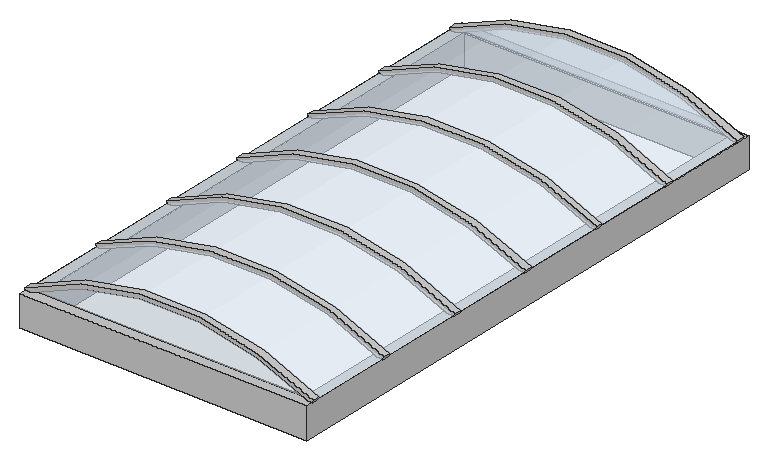
Revit family "48PM_Win_Skylight_Arc", category Windows, host Roof, Revit 2022
Family settings
  Host = Roof
  Always vertical = No
  Cut with Voids When Loaded = No
  Shared = No
  Room Calculation Point = Yes
Parameters (values of type "SK-06 3000x6000")
  Width = 3000 mm
  Type Comments = "SKYLIGHTS WITH POLYCARBONATE INFILL"
  Sill Material = PM_Doors_Metal_Handles
  Rough Width = Width  # 3000 mm
  Rough Height = Height  # 6000 mm
  RL_Mullion_No = Length / 1000 mm + 1  # 7
  Number of Side Vent Modules = 1
  Number of Center Vent Modules = 2
  Module Width = Length / (RL_Mullion_No - 1)  # 1000 mm
  Model = "PROLIGHT"
  Manufacturer = "MERCOR"
  MP_Ventilation = no
  MP_Type Mark = "SK-03"
  MP_Smoke release = "NIE DOTYCZY / N.A."
  MP_Remarks = "PODSTAWA: zaizolowana termicznie wełną mineralną o grubości 5,0cm / BASE: thermally insulated 5,0cm thick mineral wool"
  MP_Reaction to fire_class = "Broof(t1)"
  MP_Mounting = "Do podkonstrukcji stalowej / to subconstruction"
  MP_Infill = "Wypełnienie wielowarstwowe: płyta PCA16 + NRO + PP + płyta PCA10 / Multi course glazing: PCA10 + non-spreading fire band + PP + PCA10"
  MP_Fall protection = "Siatka od spodu i punkty asekuracji wg specyfikacji / mesh from bottom and fixed safety pots on roof acc. to spec."
  MP_Equipment = "NIE DOTYCZY / N.A."
  MP_Description = ""
  MP_Count = 1
  MP_Base type = "PIONOWA / STRAIGHT"
  MP_Base material = "Blacha stalowa ocynkowana, malowana od wewnątrz na kolor RAL9010(Reinweiss) / Galvanized steel sheet, painted inside in RAL9010 (Reinweiss)"
  MP_Base height = 750 mm
  MP_Aeration = "NIE DOTYCZY / N.A."
  MP_Acz_text = "NIE DOTYCZY / N.A."
  MP_Actuator type = "NIE DOTYCZY / N.A."
  Length = 6000 mm
  Legend_vis = no
  Keynote = "A15"
  Invisible Line Length [instance] = 5000 mm
  Height = Length  # 6000 mm
  Glass Material = PM_Glass_Ext_Skylight
  Front Vent Visibility = no
  Frame Material = PM_Doors_Metal_Handles
  Dimention Side Ventilation = Module Width * Number of Side Vent Modules  # 1000 mm
  Dimention Center Ventilation = Module Width * Number of Center Vent Modules  # 2000 mm
  Description = "ŚWIETLIKI DACHOWE Z WYPEŁNIENIEM Z POLIWĘGLANU"
  Define Thermal Properties by = Schematic Type
  Cost Zone = ""
  Construction Type = "Skylight Aluminium"
  Center Vent Visibility = no
  Cell width [instance] = 120 mm
  Back Vent Visibility = no
  Assembly Code = "A15"
  ArcRadius = 2800 mm
  ArcLength = 2240 mm
  Angle Slope = 30.00°
  Analytic Construction = "<None>"
  48PM_U Value Text = "0.93 W/(m²·K)"
  48PM_U Value = 1.0000 W/(m²·K)
  48PM_SD_Zone = "SD-K6"
  48PM_Acz = 0.00 m²
Types (6, lengths in mm): name | Width | Rough Width | Rough Height | RL_Mullion_No | Module Width | MP_Type Mark | MP_Acz_text | Length | Height | Dimention Side Ventilation | Dimention Center Ventilation | ArcRadius | 48PM_SD_Zone
  SK-04 2400x3600 | 2400 | 2400 | 3600 | 5 | 900 | "SK-04" | "" | 3600 | 3600 | 900 | 1800 | 2400 | "SD-K4"
  SK-03 2800x8000 | 2800 | 2800 | 8000 | 9 | 1000 | "SK-03" | "" | 8000 | 8000 | 1000 | 2000 | 2800 | "SD-K3"
  SK-01 3600x13200 | 3600 | 3600 | 13200 | 14 | 1015.385 | "SK-03" | "" | 13200 | 13200 | 1015.385 | 2030.769 | 3600 | "SD-K1"
  SK-02 3600x6000 | 3600 | 3600 | 6000 | 7 | 1000 | "SK-02" | "" | 6000 | 6000 | 1000 | 2000 | 3600 | "SD-K2"
  SK-06 3000x6000 | 3000 | 3000 | 6000 | 7 | 1000 | "SK-03" | "NIE DOTYCZY / N.A." | 6000 | 6000 | 1000 | 2000 | 2800 | "SD-K6"
  SK-05 2800x7000 | 2800 | 2800 | 7000 | 8 | 1000 | "SK-03" | "" | 7000 | 7000 | 1000 | 2000 | 2800 | "SD-K5"
Reference planes
  plane 1 "Center (Front/Back)": y = 0
  plane 2 "Roof": z = 4000
  plane 3 "Center (Left/Right)": x = 0
  plane 4 "FrontGlass": y = -3000
  plane 5 "RearGlass": y = 3000
  plane 6: z = 4735
  plane 7: x = -1500
  plane 8: x = 1500
  plane 9: x = -1620
  plane 10: x = 1620
  plane 11: y = 2000
  plane 12: y = -2000
  plane 13: x = -1450
  plane 14: x = 1450
  plane 15: y = 2050
  plane 16: y = 2950
  plane 17: y = -2050
  plane 18: y = -2950
  plane 19: y = 1000
  plane 20: y = -1000
  plane 21: y = -950
  plane 22: y = 950
  plane 23 "Plaszczyzna symboli": z = 5235
  plane 24 "2": y = -4200
  plane 25: x = 0
Forms (mm)
  Sweep 1, solid, material "PM_Doors_Metal_Handles" <- "Sill Material"
    path origin (0, 0, 4000) x (1, 0, 0) y (0, 1, 0)
      loop
        line (1500, 3000) -> (-1500, 3000) -> (-1500, -3000) -> (1500, -3000) -> (1500, 3000)
    profile origin (1500, 0, 4000) x (1, 0, 0) y (0, 0, 1)
      loop
        line (0, 385) -> (120, 385) -> (120, 735) -> (0, 735) -> (0, 385)
  Sweep 2, solid, material "PM_Glass_Ext_Skylight" <- "Glass Material"
    path origin (0, 0, 0) x (1, 0, 0) y (0, 0, 1)
      loop
        arc (-1620, 4735) -> (0, 5125.214) -> (1620, 4735) r 3557.88
    profile origin (0, 0, 5125.214) x (0, 0, 1) y (0, -1, 0)
      loop
        line (0, -3000) -> (0, 3000) -> (-15, 3000) -> (-15, -3000) -> (0, -3000)
  Extrusion 3, solid, material "PM_Glass_Ext_Skylight" <- "Glass Material"
    sketch origin (0, 3000, 0) x (0, 0, -1) y (-1, 0, 0)
      loop
        arc (-4735, 1620) -> (-5125.214, 0) -> (-4735, -1620) r 3557.88
        line (-4735, -1620) -> (-4735, 1620)
    from 0 to 15
  Extrusion 4, solid, material "PM_Glass_Ext_Skylight" <- "Glass Material"
    sketch origin (-5800, -3000, 5200) x (-1, 0, 0) y (0, 0, 1)
      loop
        arc (-4180, -465) -> (-5800, -74.786) -> (-7420, -465) r 3557.88
        line (-7420, -465) -> (-4180, -465)
    from 0 to -15
Lines and regions (mm)
  Opening 1
    outline origin (0, 0, 4385) x (0, 1, 0) y (-1, 0, 0)
      loop
        line (3000, 1500) -> (-3000, 1500) -> (-3000, -1500) -> (3000, -1500) -> (3000, 1500)
  model lines, style "WindowsOpeningProjection"
    curve 1: line (1500, -3000, 4000) -> (-1500, -3000, 4000)
    curve 2: line (1500, 3000, 4000) -> (1500, -3000, 4000)
    curve 3: line (-1500, 3000, 4000) -> (1500, 3000, 4000)
    curve 4: line (-1500, -3000, 4000) -> (-1500, 3000, 4000)
    curve 5: line (-1500, -3000, 4000) -> (1500, 3000, 4000)
    curve 6: line (-1500, 3000, 4000) -> (1500, -3000, 4000)
  model lines, style "InvisibleLines"
    curve 7: line (0, 0, 4000) -> (0, 0, -1000)
  model lines, style "Skylight Ventilation", visible <- "Back Vent Visibility"
    curve 8: line (-1450, 2950, 5235) -> (1450, 2050, 5235)
    curve 9: line (1450, 2950, 5235) -> (-1450, 2050, 5235)
    curve 10: line (-1450, 2950, 5235) -> (1450, 2950, 5235)
    curve 11: line (1450, 2050, 5235) -> (1450, 2950, 5235)
    curve 12: line (-1450, 2050, 5235) -> (1450, 2050, 5235)
    curve 13: line (-1450, 2050, 5235) -> (-1450, 2950, 5235)
  model lines, style "Skylight Ventilation", visible <- "Front Vent Visibility"
    curve 14: line (-1450, -2950, 5235) -> (1450, -2050, 5235)
    curve 15: line (1450, -2950, 5235) -> (-1450, -2050, 5235)
    curve 16: line (-1450, -2950, 5235) -> (1450, -2950, 5235)
    curve 17: line (1450, -2050, 5235) -> (1450, -2950, 5235)
    curve 18: line (-1450, -2050, 5235) -> (1450, -2050, 5235)
    curve 19: line (-1450, -2050, 5235) -> (-1450, -2950, 5235)
  model lines, style "Skylight Ventilation", visible <- "Center Vent Visibility"
    curve 20: line (-1450, 950, 5235) -> (1450, 950, 5235)
    curve 21: line (-1450, -950, 5235) -> (-1450, 950, 5235)
    curve 22: line (-1450, -950, 5235) -> (1450, -950, 5235)
    curve 23: line (1450, -950, 5235) -> (1450, 950, 5235)
    curve 24: line (-1450, 950, 5235) -> (1450, -950, 5235)
    curve 25: line (1450, 950, 5235) -> (-1450, -950, 5235)
Dimensions and locks
  equal spacing: host sketch curve, plane 3 "Center (Left/Right)", host sketch curve
  equal spacing: host sketch curve, plane 1 "Center (Front/Back)", host sketch curve
  host roof to host roof = 385 mm
  "Length": Sweep 2 sketch curve to Sweep 2 sketch curve
  equal spacing: Sweep 2 sketch curve, plane 1 "Center (Front/Back)", Sweep 2 sketch curve
  plane 1 "Center (Front/Back)" to plane 4 "FrontGlass" = 3000 mm
  plane 5 "RearGlass" to plane 1 "Center (Front/Back)" = 3000 mm
  Extrusion 3 to plane 5 "RearGlass" = 15 mm
  locked: plane 6 to host roof at 350
  equal spacing: plane 7, plane 3 "Center (Left/Right)", plane 8
  "Width": plane 7 to plane 8
  locked: plane 10 to plane 8 at 120
  locked: plane 9 to plane 7 at 120
  "Length": plane 5 "RearGlass" to plane 4 "FrontGlass"
  equal spacing: plane 5 "RearGlass", plane 1 "Center (Front/Back)", plane 4 "FrontGlass"
  equal spacing: group 1, group 3, group 4, group 5, group 6, group 7, group 2  (x3)
  "Invisible Line Length": curve 7 to curve 7
  "Dimention Side Ventilation": plane 5 "RearGlass" to plane 11
  "Dimention Side Ventilation": plane 12 to plane 4 "FrontGlass"
  locked: plane 7 to plane 13 at 50
  locked: plane 14 to plane 8 at 50
  locked: plane 5 "RearGlass" to plane 16 at 50
  locked: plane 15 to plane 11 at 50
  locked: plane 12 to plane 17 at 50
  locked: plane 4 "FrontGlass" to plane 18 at 50
  locked: plane 19 to plane 22 at 50
  locked: plane 21 to plane 20 at 50
  equal spacing: plane 19, plane 1 "Center (Front/Back)", plane 20
  "Dimention Center Ventilation": plane 19 to plane 20
  plane 23 "Plaszczyzna symboli" to plane 6 = 500 mm
  locked: plane 4 "FrontGlass" to plane 24 "2" at 1200
  aligned and locked: level to plane 2 "Roof"
  aligned and locked: Sweep 1 sketch curve to plane 5 "RearGlass"
  aligned and locked: Sweep 1 sketch curve to plane 4 "FrontGlass"
  aligned and locked: plane 3 "Center (Left/Right)" to nested 1
  aligned and locked: nested 1 to plane 4 "FrontGlass"
  aligned and locked: nested 2 to plane 5 "RearGlass"
  aligned and locked: curve 1 to Sweep 1
  aligned and locked: curve 2 to Sweep 1
  aligned and locked: curve 3 to Sweep 1
  aligned and locked: curve 4 to Sweep 1
  aligned and locked: curve 7 to plane 1 "Center (Front/Back)"
  aligned and locked: curve 7 to plane 3 "Center (Left/Right)"
  aligned and locked: plane 2 "Roof" to curve 7
  aligned and locked: plane 6 to nested 2
  aligned and locked: plane 6 to nested 1
  aligned and locked: plane 14 to curve 9
  aligned and locked: plane 13 to curve 8
  aligned and locked: curve 10 to plane 16
  aligned and locked: curve 11 to plane 14
  aligned and locked: curve 12 to plane 15
  aligned and locked: curve 13 to plane 13
  aligned and locked: plane 17 to curve 18
  aligned and locked: plane 14 to curve 17
  aligned and locked: plane 13 to curve 19
  aligned and locked: plane 18 to curve 16
  aligned and locked: curve 20 to plane 22
  aligned and locked: curve 21 to plane 13
  aligned and locked: curve 22 to plane 21
  aligned and locked: curve 23 to plane 14
  aligned and locked: Extrusion 4 sketch curve to Sweep 2
  aligned and locked: host roof to Sweep 1 sketch curve
  aligned and locked: Opening 1 sketch curve to plane 5 "RearGlass"
  aligned and locked: Opening 1 sketch curve to plane 4 "FrontGlass"
  aligned and locked: Opening 1 sketch curve to plane 7
  aligned and locked: plane 8 to Opening 1 sketch curve
  aligned and locked: nested 6 to plane 24 "2"
  aligned and locked: nested 6 to plane 3 "Center (Left/Right)"
Automatic sketch dimensions
  Sweep 1 sketch curve to plane 7 = 0 mm
  Sweep 1 sketch curve to plane 8 = 0 mm
  Sweep 2 sketch curve to plane 6 = 0 mm  (x2)
  plane 9 to Sweep 2 sketch curve = 0 mm
  Sweep 2 sketch curve to plane 3 "Center (Left/Right)" = 0 mm
  level to Sweep 2 sketch curve = 1567.334 mm
  Extrusion 4 sketch curve to plane 6 = 0 mm
  level to Extrusion 3 sketch curve = 1567.334 mm
  Extrusion 3 sketch curve to plane 6 = 0 mm
  plane 10 to Extrusion 3 sketch curve = 0 mm
  Extrusion 3 sketch curve to plane 3 "Center (Left/Right)" = 0 mm
  profile plane to Sweep 1 sketch curve = 0 mm
  Sweep 1 sketch curve to profile plane = 120 mm
  Sweep 1 sketch curve to Sweep 1 sketch curve = 350 mm
  profile plane to Sweep 2 sketch curve = 0 mm
  Sweep 2 sketch curve to Sweep 2 sketch curve = 15 mm
Nested families
  nested 1: "Mullion" at (53.538, -3000, 0), type "Mullion"
  nested 2: "Mullion" at (53.538, 3000, 0), type "Mullion"
  nested 3: "Mullion" at (53.538, -2000, 0), type "Mullion"
  nested 4: "Mullion" at (53.538, -1000, 0), type "Mullion"
  nested 5: "Mullion" at (53.538, 0, 0), type "Mullion"
  nested 6: "MP_Windows_legend" at (0, -4200, 4000), Legend_vis <- "Legend_vis", Cell width <- "Cell width", MP_Count <- "MP_Count", type "MP_Windows_legend"
    with MP_Count 1, Legend_vis no, Cell width 120 mm
  nested 7: "Mullion" at (53.538, 1000, 0), type "Mullion"
  nested 8: "Mullion" at (53.538, 2000, 0), type "Mullion"
Definition of nested family "Mullion"
  Parameters (values of type "Mullion")
    Width = 3000 mm
    PM - Mullion Material = none
    Arc Radius = 3451.233 mm
    Analytic Construction = "<None>"
  Reference planes
    plane 1: y = 0
    plane 2: x = -53.538
    plane 3: x = -1553.538
    plane 4: x = 1446.462
    plane 5: x = -53.538
    plane 6: z = 4400
    plane 7: z = 4000
    plane 8: z = 4735
    plane 9: x = -1673.538
    plane 10: x = 1566.462
  Forms (mm)
    Sweep 1, solid, material <- "PM - Mullion Material"
      path origin (-1524, 0, 0) x (1, 0, 0) y (0, 0, 1)
        loop
          arc (-149.538, 4735) -> (1470.462, 5138.839) -> (3090.462, 4735) r 3451.233
      profile origin (-53.538, 0, 5138.839) x (0, 0, 1) y (0, -1, 0)
        loop
          line (25, 40) -> (-25, 40) -> (-25, -40) -> (25, -40) -> (25, 40)
  Lines and regions (mm)
    reference lines
      curve 1: arc (-1673.538, 0, 4735) -> (-53.538, 0, 5138.839) -> (1566.462, 0, 4735) r 3451.233
  Dimensions and locks
    "Width": plane 4 to plane 3
    locked: plane 3 to plane 9 at 120
    locked: plane 10 to plane 4 at 120
    equal spacing: plane 4, plane 2, plane 3
    "Arc Radius": radius of curve 1
    aligned and locked: Sweep 1 sketch curve to curve 1
    aligned and locked: plane 9 to curve 1
    aligned and locked: plane 8 to curve 1  (x2)
    aligned and locked: plane 10 to curve 1
  Automatic sketch dimensions
    Sweep 1 sketch curve to plane 8 = 0 mm  (x2)
    profile plane to Sweep 1 sketch curve = 25 mm
    Sweep 1 sketch curve to profile plane = 25 mm
    Sweep 1 sketch curve to plane 1 = 40 mm
    plane 1 to Sweep 1 sketch curve = 40 mm
Definition of nested family "MP_Windows_legend"
  Parameters (values of type "MP_Windows_legend")
    _Width = 3000 mm
    _Height = 6000 mm
    MP_Ventilation = no
    MP_Type comments = "SKYLIGHTS WITH POLYCARBONATE INFILL"
    MP_Type Mark = "SK-03"
    MP_Smoke release = "NIE DOTYCZY / N.A."
    MP_Remarks = "PODSTAWA: zaizolowana termicznie wełną mineralną o grubości 5,0cm / BASE: thermally insulated 5,0cm thick mineral wool"
    MP_Reaction to fire_class = "Broof(t1)"
    MP_Mounting = "Do podkonstrukcji stalowej / to subconstruction"
    MP_Model = "PROLIGHT"
    MP_Manufacturer = "MERCOR"
    MP_Infill = "Wypełnienie wielowarstwowe: płyta PCA16 + NRO + PP + płyta PCA10 / Multi course glazing: PCA10 + non-spreading fire band + PP + PCA10"
    MP_Fall protection = "Siatka od spodu i punkty asekuracji wg specyfikacji / mesh from bottom and fixed safety pots on roof acc. to spec."
    MP_Equipment = "NIE DOTYCZY / N.A."
    MP_Design Stage = ""
    MP_Description_ = "ŚWIETLIKI DACHOWE Z WYPEŁNIENIEM Z POLIWĘGLANU"
    MP_Description = ""
    MP_Count [instance] = 0
    MP_Base type = "PIONOWA / STRAIGHT"
    MP_Base material = "Blacha stalowa ocynkowana, malowana od wewnątrz na kolor RAL9010(Reinweiss) / Galvanized steel sheet, painted inside in RAL9010 (Reinweiss)"
    MP_Base height = 750 mm
    MP_Aeration = "NIE DOTYCZY / N.A."
    MP_Acz_text = ""
    MP_Actuator type = "NIE DOTYCZY / N.A."
    Legend_vis [instance] = no
    Cost Zone = ""
    Cell width [instance] = 120 mm
    48PM_U Value Text = "0.93 W/(m²·K)"
    48PM_SD_Zone = "SD-K6"
    48PM_Acz = 0.00 m²
  Reference planes
    plane 1: y = 0
    plane 2: x = 0
  Lines and regions (mm)
    detail lines
      curve 1: line (-60, 0, 0) -> (60, 0, 0)
      curve 2: line (-60, -12, 0) -> (60, -12, 0)
      curve 3: line (-60, -12, 0) -> (-60, 0, 0)
      curve 4: line (60, 0, 0) -> (60, -12, 0)
      curve 5: line (-60, -24, 0) -> (60, -24, 0)
      curve 6: line (-60, -24, 0) -> (-60, -12, 0)
      curve 7: line (60, -12, 0) -> (60, -24, 0)
      curve 8: line (-60, -66, 0) -> (60, -66, 0)
      curve 9: line (-60, -66, 0) -> (-60, -24, 0)
      curve 10: line (60, -24, 0) -> (60, -66, 0)
      curve 11: line (-60, -92.8, 0) -> (60, -92.8, 0)
      curve 12: line (-60, -92.8, 0) -> (-60, -66, 0)
      curve 13: line (60, -66, 0) -> (60, -92.8, 0)
      curve 14: line (-60, -107.6, 0) -> (60, -107.6, 0)
      curve 15: line (-60, -107.6, 0) -> (-60, -92.8, 0)
      curve 16: line (60, -92.8, 0) -> (60, -107.6, 0)
      curve 17: line (-60, -131.6, 0) -> (60, -131.6, 0)
      curve 18: line (-60, -131.6, 0) -> (-60, -107.6, 0)
      curve 19: line (60, -107.6, 0) -> (60, -131.6, 0)
      curve 20: line (-60, -155.6, 0) -> (60, -155.6, 0)
      curve 21: line (-60, -155.6, 0) -> (-60, -131.6, 0)
      curve 22: line (60, -131.6, 0) -> (60, -155.6, 0)
      curve 23: line (-60, -197.6, 0) -> (60, -197.6, 0)
      curve 24: line (-60, -197.6, 0) -> (-60, -155.6, 0)
      curve 25: line (60, -155.6, 0) -> (60, -197.6, 0)
      curve 26: line (-60, -209.6, 0) -> (60, -209.6, 0)
      curve 27: line (-60, -209.6, 0) -> (-60, -197.6, 0)
      curve 28: line (60, -197.6, 0) -> (60, -209.6, 0)
      curve 29: line (-60, -251.6, 0) -> (60, -251.6, 0)
      curve 30: line (-60, -251.6, 0) -> (-60, -209.6, 0)
      curve 31: line (60, -209.6, 0) -> (60, -251.6, 0)
      curve 32: line (-60, -263.6, 0) -> (60, -263.6, 0)
      curve 33: line (-60, -263.6, 0) -> (-60, -251.6, 0)
      curve 34: line (60, -251.6, 0) -> (60, -263.6, 0)
      curve 35: line (-60, -275.6, 0) -> (60, -275.6, 0)
      curve 36: line (-60, -275.6, 0) -> (-60, -263.6, 0)
      curve 37: line (60, -263.6, 0) -> (60, -275.6, 0)
      curve 38: line (-60, -299.6, 0) -> (60, -299.6, 0)
      curve 39: line (-60, -299.6, 0) -> (-60, -275.6, 0)
      curve 40: line (60, -275.6, 0) -> (60, -299.6, 0)
      curve 41: line (-60, -78, 0) -> (60, -78, 0)
      curve 42: line (-60, -239.6, 0) -> (60, -239.6, 0)
      curve 43: line (-60, -227.6, 0) -> (60, -227.6, 0)
      curve 44: line (-60, -42, 0) -> (60, -42, 0)
      curve 45: line (-60, -54, 0) -> (60, -54, 0)
  Text (mm)
    label "1500 x  2000" at (1.358, -18.209, 0), shows "_Width", "_Height"
    label "NIE DOTYCZY / N.A." at (1.358, -33.118, 0), shows "MP_Acz_text"
    label "1.1000" at (1.358, -71.959, 0), shows "48PM_U Value Text"
    label "fnwevouwergvdnsithnfgjv jasdnhwaglvbdebsjahbgbnvjkdsbnfcsevbretgazehb weatzgh" at (1.358, -278.179, 0), shows "MP_Remarks"
    label "MP_Manufacturer" at (1.358, -257.472, 0), shows "MP_Manufacturer"
    label "MP_Model" at (1.358, -269.91, 0), shows "MP_Model"
    text "\t\tILOŚĆ / AMOUNT" at (-68.871, -5.699, 0), not visible
    text "CLEAR DIMENSION (WxL) / WYMIAR W ŚWIETLE (mm)" at (-68.871, -18.209, 0), not visible
    text "POWIERZCHNIA CZYNNA ODDYMIANIA Acz / ACTIVE EXHAUST AREA Acz (m2)" at (-68.871, -32.084, 0), not visible
    text "IZOLACYJNOŚĆ TERMICZNA / U VALUE" at (-68.871, -72.084, 0), not visible
    text "WYSOKOŚĆ PODSTAWY / BASE HEIGHT (mm)" at (-68.871, -100.764, 0), not visible
    text "MATERIAŁ PODSTAWY /   BASE MATERIAL" at (-68.871, -118.419, 0), not visible
    text "KLASA REAKCJI NA OGIEŃ (zgodnie z PN - EN 13501-1) / REACTION TO FIRE TEST CLASSIFICATION" at (-68.871, -144.799, 0), not visible
    text "WYPEŁNIENIE / INFILL" at (-68.871, -162.111, 0), not visible
    text "MOCOWANIE / MOUNTING" at (-68.871, -203.299, 0), not visible
    text "ZABIEZPIECZENIE PRZED UPADKIEM / FALL PROTECTION" at (-68.871, -245.549, 0), not visible
    text "PRODUCENT / MANUFACTURER" at (-68.871, -257.924, 0), not visible
    text "MODEL / MODEL" at (-68.871, -269.592, 0), not visible
    text "UWAGI/ REMARKS" at (-68.871, -287.549, 0), not visible
    text "TYP PODSTAWY / BASE TYPE" at (-68.871, -85.339, 0), not visible
    text "TYP SIŁOWNIKA / ACTUATOR TYPE" at (-68.871, -217.799, 0), not visible
    text "WYPOSAŻENIE / EQUIPMENT" at (-68.871, -233.299, 0), not visible
    label "MP_Smoke release" at (1.358, -47.959, 0), shows "MP_Smoke release"
    text "WYZWALANIE ODDYMIANIA / SMOKE RELEASE" at (-68.871, -48.084, 0), not visible
    label "MP_Ventilation" at (1.358, -59.959, 0), shows "MP_Ventilation"
    text "FUNKCJA PRZEWIETRZANIA / VENTILATION" at (-68.871, -60.084, 0), not visible
    label "MP_Base type" at (1.358, -85.209, 0), shows "MP_Base type"
    label "MP_Base height" at (1.358, -100.009, 0), shows "MP_Base height"
    label "MP_Base material" at (1.358, -111.179, 0), shows "MP_Base material"
    label "MP_Reaction to fire_class" at (1.358, -133.929, 0), shows "MP_Reaction to fire_class"
    label "MP_Infill" at (1.358, -157.929, 0), shows "MP_Infill"
    label "MP_Mounting" at (1.358, -203.559, 0), shows "MP_Mounting"
    label "MP_Actuator type" at (1.358, -211.929, 0), shows "MP_Actuator type"
    label "MP_Equipment" at (1.358, -233.559, 0), shows "MP_Equipment"
    label "MP_Fall protection" at (1.358, -245.559, 0), shows "MP_Fall protection"
  Dimensions and locks
    equal spacing: curve 3, plane 2, curve 4
    "Cell width": curve 3 to curve 4
    aligned and locked: plane 1 to curve 1
  Automatic sketch dimensions
    plane 1 to curve 6 = 12 mm
    curve 5 to curve 2 = 12 mm
    curve 12 to curve 5 = 42 mm
    curve 15 to curve 8 = 26.8 mm
    curve 19 to curve 11 = 14.8 mm
    curve 18 to curve 14 = 24 mm
    curve 25 to curve 17 = 24 mm
    curve 23 to curve 20 = 42 mm
    curve 26 to curve 23 = 12 mm
    curve 31 to curve 26 = 42 mm
    curve 36 to curve 29 = 12 mm
    curve 37 to curve 32 = 12 mm
    curve 39 to curve 35 = 24 mm
    curve 44 to curve 5 = 18 mm
    curve 8 to curve 45 = 12 mm
    curve 41 to curve 8 = 12 mm
    curve 43 to curve 26 = 18 mm
    curve 29 to curve 42 = 12 mm
